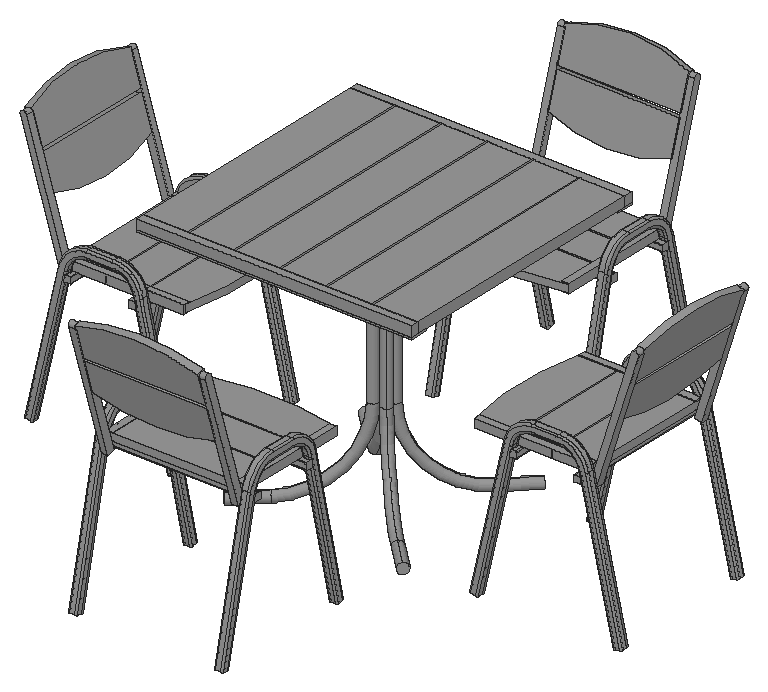
Revit family "10247 Комплект мебели «Петергоф» Хоббика", category Антураж, Revit 2018
Family settings
  На основе рабочей плоскости = Нет
  Всегда вертикально = Да
  При загрузке вырезать с полостями = Нет
  Источник визуального образа = Геометрия семейства
  Общий = Нет
  Точка расчета площади = Нет
Parameters (values of type "Комплект мебели «Петергоф»")
  Ширина стула = 500 mm  # constant formula
  Ширина стола = 800 mm  # constant formula
  Цвет отделки = Дерево
  Цвет опор = Сталь
  Описание = "Комплект мебели «Петергоф»"  # constant formula
  Материал изделия = "Сталь, дерево"  # constant formula
  Изображение типоразмера = Комплект мебели «Петергоф» Арт 10247.jpg
  Изготовитель = "ООО «Хоббика»"  # constant formula
  Длина стула = 450 mm  # constant formula
  Длина стола = 800 mm  # constant formula
  Группа модели = "Комплекты садовой мебели"  # constant formula
  Высота стула = 820 mm  # constant formula
  Высота стола = 760 mm  # constant formula
  Высота = 0 mm  # constant formula
  Артикул товара = "Арт. 10247"  # constant formula
  URL = "https://hobbyka.ru/product/komplekt_mebeli_petergof"
Reference planes
  plane 1 "По центру (Вперед/Назад)": y = 0
  plane 2: z = 0
  plane 3 "По центру (Влево/Вправо)": x = 0
  plane 4: x = 1800
  plane 5: y = 1800
Dimensions and locks
  plane 5 to plane 1 "По центру (Вперед/Назад)" = 1800 mm
  plane 3 "По центру (Влево/Вправо)" to plane 4 = 1800 mm
  aligned and locked: level to plane 2
Nested families
  nested 1: "10266 Кресло «Петергоф» Хоббика" at (500, 675, 0) x (0, 1, 0) z (0, 0, 1), type "Кресло «Петергоф»"
  nested 2: "10265 Стол садовый «Петергоф 80» Хоббика" at (500, 500, 0), type "Стол садовый «Петергоф 80»"
  nested 3: "10266 Кресло «Петергоф» Хоббика" at (675, 1300, 0), type "Кресло «Петергоф»"
  nested 4: "10266 Кресло «Петергоф» Хоббика" at (1300, 1125, 0) x (0, -1, 0) z (0, 0, 1), type "Кресло «Петергоф»"
  nested 5: "10266 Кресло «Петергоф» Хоббика" at (1125, 500, 0) x (-1, 0, 0) z (0, 0, 1), type "Кресло «Петергоф»"
Definition of nested family "10266 Кресло «Петергоф» Хоббика"
  Parameters (values of type "Кресло «Петергоф»")
    Ширина = 500 mm  # constant formula
    Цвет опор = none
    Цвет лавки = none
    Description = "Кресло «Петергоф»"  # constant formula
    Материал изделия = "Сталь, дерево"  # constant formula
    Type Comments = ""
    Type Image = element 2566
    Manufacturer = "ООО «Хоббика»"  # constant formula
    Длина = 450 mm  # constant formula
    Model = "Кресла садовые"  # constant formula
    Height = 820 mm  # constant formula
    Артикул товара = "Арт. 10266"  # constant formula
    URL = "https://hobbyka.ru/product/kreslo_petergof/"
  Reference planes
    plane 1 "По центру (Вперед/Назад)": y = 0
    plane 2: z = 0
    plane 3 "По центру (Влево/Вправо)": x = 0
    plane 4: x = 450
    plane 5: y = 500
    plane 6: z = 820
  Forms (mm)
    Sweep 1, solid, material <- "Цвет опор"
      path origin (0, 0, 0) x (0, 1, 0) y (0, 0, 1)
        loop
          line (470.628, 0) -> (371.711, 428.459)
          arc (371.711, 428.459) -> (340.734, 478.164) -> (285.77, 498.392) r 90.259
          line (285.77, 498.392) -> (210.77, 498.392)
          arc (210.77, 498.392) -> (155.77, 478.373) -> (126.505, 427.685) r 85.565
          line (126.505, 427.685) -> (27.766, 0)
      profile origin (0, 248.27, 498.392) x (0, 0, -1) y (1, 0, 0)
        loop
          arc (0, 5) -> (1.464, 1.464) -> (5, 0) r 5
          line (5, 0) -> (20, 0)
          arc (20, 0) -> (23.536, 1.464) -> (25, 5) r 5
          line (25, 5) -> (25, 20)
          arc (25, 20) -> (23.536, 23.536) -> (20, 25) r 5
          line (20, 25) -> (5, 25)
          arc (5, 25) -> (1.464, 23.536) -> (0, 20) r 5
          line (0, 20) -> (0, 5)
        loop
          arc (0, 430) -> (1.464, 426.464) -> (5, 425) r 5
          line (5, 425) -> (20, 425)
          arc (20, 425) -> (23.536, 426.464) -> (25, 430) r 5
          line (25, 430) -> (25, 445)
          arc (25, 445) -> (23.536, 448.536) -> (20, 450) r 5
          line (20, 450) -> (5, 450)
          arc (5, 450) -> (1.464, 448.536) -> (0, 445) r 5
          line (0, 445) -> (0, 430)
    Extrusion 2, solid, material <- "Цвет опор"
      sketch origin (0, 0, -5) x (0, 1, 0) y (0, 0, 1)
        loop
          line (352.609, 400.541) -> (352.609, 416.541)
          arc (352.609, 416.541) -> (352.023, 417.955) -> (350.609, 418.541) r 2
          line (350.609, 418.541) -> (334.609, 418.541)
          arc (334.609, 418.541) -> (333.195, 417.955) -> (332.609, 416.541) r 2
          line (332.609, 416.541) -> (332.609, 400.541)
          arc (332.609, 400.541) -> (333.195, 399.126) -> (334.609, 398.541) r 2
          line (334.609, 398.541) -> (350.609, 398.541)
          arc (350.609, 398.541) -> (352.023, 399.126) -> (352.609, 400.541) r 2
        loop
          line (165.109, 400.541) -> (165.109, 416.541)
          arc (165.109, 416.541) -> (164.523, 417.955) -> (163.109, 418.541) r 2
          line (163.109, 418.541) -> (147.109, 418.541)
          arc (147.109, 418.541) -> (145.695, 417.955) -> (145.109, 416.541) r 2
          line (145.109, 416.541) -> (145.109, 400.541)
          arc (145.109, 400.541) -> (145.695, 399.126) -> (147.109, 398.541) r 2
          line (147.109, 398.541) -> (163.109, 398.541)
          arc (163.109, 398.541) -> (164.523, 399.126) -> (165.109, 400.541) r 2
      from 0 to 450
    Extrusion 3, solid, material <- "Цвет опор"
      sketch origin (0, 0, 0) x (1, 0, 0) y (0, 0, 1)
        loop
          line (25, 413.541) -> (45, 413.541) -> (45, 415.541) -> (27, 415.541) -> (27, 436.541) -> (45, 436.541) -> (45, 438.541) -> (25, 438.541) -> (25, 413.541)
        loop
          line (425, 413.541) -> (425, 438.541) -> (405, 438.541) -> (405, 436.541) -> (423, 436.541) -> (423, 415.541) -> (405, 415.541) -> (405, 413.541) -> (425, 413.541)
      from -22.776 to -363.885
    Extrusion 4, solid, material <- "Цвет лавки"
      sketch origin (0, 0, 0) x (1, 0, 0) y (0, 1, 0)
        loop
          line (27, 363.885) -> (27, 252.682) -> (423, 252.682) -> (423, 363.885) -> (27, 363.885)
        loop
          arc (27, 22.776) -> (225, 0) -> (423, 22.776) r 872.021
          line (423, 22.776) -> (423, 133.979) -> (27, 133.979) -> (27, 22.776)
        loop
          line (27, 247.682) -> (27, 138.979) -> (423, 138.979) -> (423, 247.682) -> (27, 247.682)
      from 415.541 to 436.541
    Extrusion 5, solid, material <- "Цвет опор"
      sketch origin (0, 0, 0) x (0, 1, 0) y (0, 0, 1)
        loop
          arc (500, 767.352) -> (493.455, 779.888) -> (480.918, 773.343) r 10
          line (480.918, 773.343) -> (361.098, 391.711) -> (380.18, 385.72) -> (500, 767.352)
      from 25 to 45
    Extrusion 6, solid, material <- "Цвет опор"
      sketch origin (0, 0, 0) x (0, 1, 0) y (0, 0, 1)
        loop
          arc (500, 767.352) -> (493.455, 779.888) -> (480.918, 773.343) r 10
          line (480.918, 773.343) -> (361.098, 391.711) -> (380.18, 385.72) -> (500, 767.352)
      from 405 to 425
    Extrusion 7, solid, material <- "Цвет лавки"
      sketch origin (0, 480.918, 773.343) x (0, -0.29955, -0.954081) y (1, 0, 0)
        loop
          arc (-10, 405) -> (-43.997, 225) -> (-10, 45) r 493.516
          line (-10, 45) -> (90, 45) -> (90, 405) -> (-10, 405)
        loop
          arc (200, 45) -> (233.997, 225) -> (200, 405) r 493.516
          line (200, 405) -> (100, 405) -> (100, 45) -> (200, 45)
      from 0 to -20
  Dimensions and locks
    "Длина": plane 3 "По центру (Влево/Вправо)" to plane 4
    "Ширина": plane 5 to plane 1 "По центру (Вперед/Назад)"
    "Height": plane 6 to plane 2
    aligned and locked: level to plane 2
  Automatic sketch dimensions
    Sweep 1 sketch curve to level = 0 mm  (x2)
    Sweep 1 sketch curve to plane 1 "По центру (Вперед/Назад)" = 126.505 mm
    Sweep 1 sketch curve to Sweep 1 sketch curve = 84.265 mm
    Sweep 1 sketch curve to Sweep 1 sketch curve = 72.996 mm
    Sweep 1 sketch curve to Sweep 1 sketch curve = 75 mm
    Sweep 1 sketch curve to Sweep 1 sketch curve = 87.946 mm
    level to Sweep 1 sketch curve = 408.155 mm
    Sweep 1 sketch curve to Sweep 1 sketch curve = 4.672 mm
    Sweep 1 sketch curve to Sweep 1 sketch curve = 14.858 mm
    Sweep 1 sketch curve to plane 1 "По центру (Вперед/Назад)" = 27.766 mm
    Sweep 1 sketch curve to plane 5 = 29.372 mm
    Sweep 1 sketch curve to profile plane = 0 mm  (x2)
    Sweep 1 sketch curve to plane 3 "По центру (Влево/Вправо)" = 0 mm
    Sweep 1 sketch curve to profile plane = 5 mm  (x3)
    plane 3 "По центру (Влево/Вправо)" to Sweep 1 sketch curve = 5 mm  (x2)
    Sweep 1 sketch curve to Sweep 1 sketch curve = 15 mm  (x6)
    Sweep 1 sketch curve to Sweep 1 sketch curve = 5 mm
    Sweep 1 sketch curve to Sweep 1 sketch curve = 400 mm
    Extrusion 2 sketch curve to plane 1 "По центру (Вперед/Назад)" = 145.109 mm
    Extrusion 2 sketch curve to Extrusion 2 sketch curve = 2 mm  (x7)
    Extrusion 2 sketch curve to Extrusion 2 sketch curve = 16 mm  (x6)
    Extrusion 2 sketch curve to plane 5 = 167.391 mm
    level to Extrusion 2 sketch curve = 393.541 mm
    plane 3 "По центру (Влево/Вправо)" to Extrusion 3 sketch curve = 25 mm
    Extrusion 3 sketch curve to Extrusion 3 sketch curve = 2 mm  (x6)
    Extrusion 3 sketch curve to Extrusion 3 sketch curve = 18 mm  (x3)
    Extrusion 3 sketch curve to plane 4 = 45 mm
    Extrusion 3 sketch curve to Extrusion 3 sketch curve = 0 mm  (x2)
    Extrusion 3 sketch curve to plane 6 = 406.459 mm
    Extrusion 3 sketch curve to Extrusion 3 sketch curve = 21 mm  (x2)
    plane 3 "По центру (Влево/Вправо)" to Extrusion 4 sketch curve = 27 mm  (x2)
    Extrusion 4 sketch curve to Extrusion 4 sketch curve = 0 mm  (x2)
    plane 3 "По центру (Влево/Вправо)" to Extrusion 4 sketch curve = 225 mm
    Extrusion 4 sketch curve to plane 4 = 27 mm  (x2)
    Extrusion 4 sketch curve to plane 1 "По центру (Вперед/Назад)" = 22.776 mm
    Extrusion 4 sketch curve to Extrusion 4 sketch curve = 111.203 mm  (x2)
    Extrusion 4 sketch curve to Extrusion 4 sketch curve = 5 mm  (x2)
    Extrusion 4 sketch curve to Extrusion 4 sketch curve = 108.703 mm
    plane 5 to Extrusion 4 sketch curve = 372.021 mm
    Extrusion 5 sketch curve to plane 5 = 0 mm
    Extrusion 5 sketch curve to plane 5 = 9.541 mm
    Extrusion 5 sketch curve to Extrusion 5 sketch curve = 9.541 mm
    Extrusion 5 sketch curve to plane 5 = 119.82 mm
    Extrusion 5 sketch curve to Extrusion 5 sketch curve = 19.082 mm
    level to Extrusion 5 sketch curve = 385.72 mm
    Extrusion 5 sketch curve to Extrusion 5 sketch curve = 5.991 mm
    Extrusion 6 sketch curve to plane 5 = 0 mm
    Extrusion 6 sketch curve to plane 5 = 9.541 mm
    Extrusion 6 sketch curve to Extrusion 6 sketch curve = 9.541 mm
    Extrusion 6 sketch curve to plane 5 = 119.82 mm
    Extrusion 6 sketch curve to Extrusion 6 sketch curve = 19.082 mm
    level to Extrusion 6 sketch curve = 385.72 mm
    Extrusion 6 sketch curve to Extrusion 6 sketch curve = 5.991 mm
    Extrusion 7 sketch curve to Extrusion 6 = 0 mm  (x2)
    Extrusion 7 sketch curve to Extrusion 6 = 200 mm
    Extrusion 6 to Extrusion 7 sketch curve = 200 mm
    Extrusion 7 sketch curve to Extrusion 6 = 10 mm  (x2)
    Extrusion 7 sketch curve to Extrusion 6 = 259.519 mm
    Extrusion 6 to Extrusion 7 sketch curve = 49.519 mm
    Extrusion 7 sketch curve to Extrusion 7 sketch curve = 180 mm
    Extrusion 6 to Extrusion 7 sketch curve = 90 mm
    Extrusion 7 sketch curve to Extrusion 7 sketch curve = 10 mm
    Extrusion 7 sketch curve to Extrusion 7 sketch curve = 0 mm
Definition of nested family "10265 Стол садовый «Петергоф 80» Хоббика"
  Parameters (values of type "Стол садовый «Петергоф 80»")
    Ширина = 800 mm  # constant formula
    Цвет отделки = none
    Цвет основания = none
    Description = "Стол садовый «Петергоф 80»"  # constant formula
    Материал изделия = "Сталь, дерево"  # constant formula
    Type Image = element 3778
    Manufacturer = "ООО «Хоббика»"  # constant formula
    Длина = 800 mm  # constant formula
    Model = "Садовые столы"  # constant formula
    Height = 760 mm  # constant formula
    Артикул товара = "Арт. 12065"  # constant formula
    URL = "https://hobbyka.ru/product/stol_sadovyy_petergof80"
  Reference planes
    plane 1 "По центру (Вперед/Назад)": y = 0
    plane 2: z = 0
    plane 3 "По центру (Влево/Вправо)": x = 0
    plane 4: y = 800
    plane 5: x = 800
    plane 6: z = 760
  Forms (mm)
    Sweep 1, solid, material <- "Цвет основания"
      path origin (689.185, 73.701, 0) x (-0.707107, 0.707107, 0) y (0, 0, 1)
        loop
          line (800, 725) -> (695, 725)
          arc (695, 725) -> (518.223, 651.777) -> (445, 475) r 250
          line (445, 475) -> (445, 250)
          arc (445, 250) -> (518.223, 73.223) -> (695, 0) r 250
          line (695, 0) -> (800, 0)
      profile origin (123.5, 639.387, 725) x (0, 0, -1) y (0.707107, 0.707107, 0)
        loop
          circle (15, 23.335) r 15
    Sweep 2, solid, material <- "Цвет основания"
      path origin (689.185, 725.52, 0) x (-0.707107, -0.707107, 0) y (0, 0, -1)
        loop
          line (800, -725) -> (695, -725)
          arc (695, -725) -> (518.223, -651.777) -> (445, -475) r 250
          line (445, -475) -> (445, -250)
          arc (445, -250) -> (518.223, -73.223) -> (695, 0) r 250
          line (695, 0) -> (800, 0)
      profile origin (123.5, 159.835, 725) x (0, 0, 1) y (0.707107, -0.707107, 0)
        loop
          circle (-15, 23.335) r 15
    Extrusion 3, solid, material <- "Цвет основания"
      sketch origin (0, 0, 0) x (1, 0, 0) y (0, 1, 0)
        loop
          line (0, 800) -> (0, 750) -> (115, 750) -> (115, 50) -> (0, 50) -> (0, 0) -> (800, 0) -> (800, 50) -> (685, 50) -> (685, 750) -> (800, 750) -> (800, 800) -> (0, 800)
        loop
          line (165, 750) -> (165, 50) -> (200, 50) -> (635, 50) -> (635, 750) -> (540, 750) -> (165, 750)
      from 725 to 730
    Extrusion 4, solid, material <- "Цвет основания"
      sketch origin (0, 0, 0) x (0, 1, 0) y (0, 0, 1)
        loop
          line (776.665, 730) -> (800, 730) -> (800, 760) -> (776.665, 760) -> (776.665, 730)
        loop
          line (0, 730) -> (23.335, 730) -> (23.335, 760) -> (0, 760) -> (0, 730)
      from 0 to 800
    Extrusion 5, solid, material <- "Цвет отделки"
      sketch origin (5, 0, 0) x (1, 0, 0) y (0, 0, 1)
        loop
          line (-5, 760) -> (-5, 730) -> (125, 730) -> (125, 760) -> (-5, 760)
      from -23.335 to -776.665
    Extrusion 6, solid, material <- "Цвет отделки"
      sketch origin (675, 0, 0) x (1, 0, 0) y (0, 0, 1)
        loop
          line (-5, 760) -> (-5, 730) -> (125, 730) -> (125, 760) -> (-5, 760)
      from -23.335 to -776.665
    Extrusion 7, solid, material <- "Цвет отделки"
      sketch origin (139, 0, 0) x (1, 0, 0) y (0, 0, 1)
        loop
          line (-5, 760) -> (-5, 730) -> (125, 730) -> (125, 760) -> (-5, 760)
      from -23.335 to -776.665
    Extrusion 8, solid, material <- "Цвет отделки"
      sketch origin (273, 0, 0) x (1, 0, 0) y (0, 0, 1)
        loop
          line (-5, 760) -> (-5, 730) -> (125, 730) -> (125, 760) -> (-5, 760)
      from -23.335 to -776.665
    Extrusion 9, solid, material <- "Цвет отделки"
      sketch origin (407, 0, 0) x (1, 0, 0) y (0, 0, 1)
        loop
          line (-5, 760) -> (-5, 730) -> (125, 730) -> (125, 760) -> (-5, 760)
      from -23.335 to -776.665
    Extrusion 10, solid, material <- "Цвет отделки"
      sketch origin (541, 0, 0) x (1, 0, 0) y (0, 0, 1)
        loop
          line (-5, 760) -> (-5, 730) -> (125, 730) -> (125, 760) -> (-5, 760)
      from -23.335 to -776.665
    Sweep 11, solid, material <- "Цвет основания"
      path origin (110.815, 73.701, 0) x (0.707107, 0.707107, 0) y (0, 0, -1)
        loop
          line (800, -725) -> (695, -725)
          arc (695, -725) -> (518.223, -651.777) -> (445, -475) r 250
          line (445, -475) -> (445, -250)
          arc (445, -250) -> (518.223, -73.223) -> (695, 0) r 250
          line (695, 0) -> (800, 0)
      profile origin (676.5, 639.387, 725) x (0, 0, 1) y (-0.707107, 0.707107, 0)
        loop
          circle (-15, 23.335) r 15
    Sweep 12, solid, material <- "Цвет основания"
      path origin (110.815, 725.52, 0) x (0.707107, -0.707107, 0) y (0, 0, 1)
        loop
          line (800, 725) -> (695, 725)
          arc (695, 725) -> (518.223, 651.777) -> (445, 475) r 250
          line (445, 475) -> (445, 250)
          arc (445, 250) -> (518.223, 73.223) -> (695, 0) r 250
          line (695, 0) -> (800, 0)
      profile origin (676.5, 159.835, 725) x (0, 0, -1) y (-0.707107, -0.707107, 0)
        loop
          circle (15, 23.335) r 15
  Dimensions and locks
    "Длина": plane 3 "По центру (Влево/Вправо)" to plane 5
    "Ширина": plane 4 to plane 1 "По центру (Вперед/Назад)"
    "Height": plane 6 to plane 2
    equal spacing: group 1, group 3, group 4, group 5, group 6, group 2  (x3)
    aligned and locked: level to plane 2
  Automatic sketch dimensions
    Extrusion 5 sketch curve to Extrusion 5 sketch curve = 130 mm
    Extrusion 5 sketch curve to Extrusion 5 sketch curve = 30 mm
    Extrusion 6 sketch curve to Extrusion 6 sketch curve = 130 mm
    Extrusion 6 sketch curve to Extrusion 6 sketch curve = 30 mm
    Extrusion 7 sketch curve to Extrusion 7 sketch curve = 130 mm
    Extrusion 7 sketch curve to Extrusion 7 sketch curve = 30 mm
    Extrusion 8 sketch curve to Extrusion 8 sketch curve = 130 mm
    Extrusion 8 sketch curve to Extrusion 8 sketch curve = 30 mm
    Extrusion 9 sketch curve to Extrusion 9 sketch curve = 130 mm
    Extrusion 9 sketch curve to Extrusion 9 sketch curve = 30 mm
    Extrusion 10 sketch curve to Extrusion 10 sketch curve = 130 mm
    Extrusion 10 sketch curve to Extrusion 10 sketch curve = 30 mm
    level to Sweep 1 sketch curve = 0 mm
    Sweep 1 sketch curve to plane 6 = 285 mm
    Sweep 1 sketch curve to Sweep 1 sketch curve = 250 mm  (x2)
    Sweep 1 sketch curve to Sweep 1 sketch curve = 105 mm  (x2)
    Sweep 1 sketch curve to profile plane = 15 mm
    profile plane to Sweep 1 sketch curve = 23.335 mm
    Sweep 2 sketch curve to level = 0 mm
    Sweep 2 sketch curve to plane 6 = 285 mm
    Sweep 2 sketch curve to Sweep 2 sketch curve = 250 mm  (x2)
    Sweep 2 sketch curve to Sweep 2 sketch curve = 105 mm  (x2)
    profile plane to Sweep 2 sketch curve = 15 mm
    profile plane to Sweep 2 sketch curve = 23.335 mm
    Extrusion 4 sketch curve to plane 1 "По центру (Вперед/Назад)" = 0 mm
    Extrusion 4 sketch curve to plane 6 = 0 mm  (x2)
    Extrusion 4 sketch curve to plane 4 = 0 mm
    Extrusion 4 sketch curve to plane 1 "По центру (Вперед/Назад)" = 23.335 mm
    Extrusion 4 sketch curve to plane 4 = 23.335 mm
    Extrusion 4 sketch curve to plane 6 = 30 mm
    Extrusion 4 sketch curve to Extrusion 4 sketch curve = 30 mm
    level to Sweep 11 sketch curve = 0 mm
    Sweep 11 sketch curve to plane 6 = 285 mm
    Sweep 11 sketch curve to Sweep 11 sketch curve = 250 mm  (x2)
    Sweep 11 sketch curve to Sweep 11 sketch curve = 105 mm  (x2)
    profile plane to Sweep 11 sketch curve = 15 mm
    profile plane to Sweep 11 sketch curve = 23.335 mm
    Sweep 12 sketch curve to level = 0 mm
    Sweep 12 sketch curve to plane 6 = 285 mm
    Sweep 12 sketch curve to Sweep 12 sketch curve = 250 mm  (x2)
    Sweep 12 sketch curve to Sweep 12 sketch curve = 105 mm  (x2)
    Sweep 12 sketch curve to profile plane = 15 mm
    profile plane to Sweep 12 sketch curve = 23.335 mm
    Extrusion 3 sketch curve to plane 3 "По центру (Влево/Вправо)" = 0 mm  (x2)
    plane 1 "По центру (Вперед/Назад)" to Extrusion 3 sketch curve = 0 mm
    Extrusion 3 sketch curve to plane 5 = 0 mm  (x2)
    Extrusion 3 sketch curve to plane 4 = 0 mm
    plane 3 "По центру (Влево/Вправо)" to Extrusion 3 sketch curve = 115 mm
    Extrusion 3 sketch curve to Extrusion 3 sketch curve = 50 mm  (x2)
    Extrusion 3 sketch curve to Extrusion 3 sketch curve = 35 mm
    Extrusion 3 sketch curve to plane 4 = 50 mm  (x3)
    Extrusion 3 sketch curve to Extrusion 3 sketch curve = 260 mm
    Extrusion 3 sketch curve to plane 1 "По центру (Вперед/Назад)" = 50 mm  (x3)
    Extrusion 3 sketch curve to plane 5 = 165 mm
    radius of Sweep 1 sketch curve = 15 mm
    radius of Sweep 2 sketch curve = 15 mm
    radius of Sweep 11 sketch curve = 15 mm
    radius of Sweep 12 sketch curve = 15 mm
